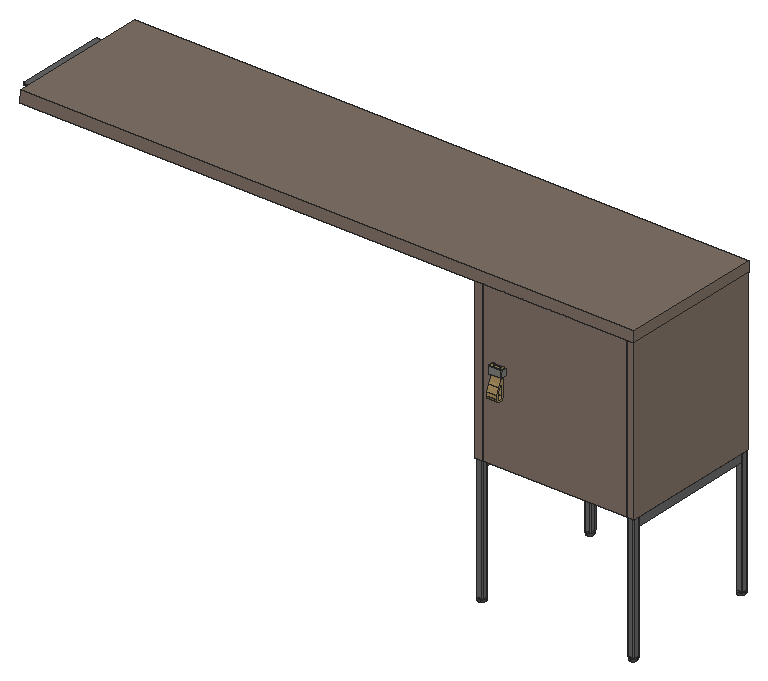
Revit family "Storage-Teknion-LWBRS_Byward_Return_with_Storage-R2019", category Furniture, Revit 2019
Family settings
  OmniClass Number = 23.40.20.00
  OmniClass Title = General Furniture and Specialties
  Work Plane-Based = No
  Always vertical = Yes
  Cut with Voids When Loaded = No
  Shared = Yes
  Room Calculation Point = No
Parameters (values of type "14" Depth, 60" Width")
  Width = 60.000"
  Warranty = "http://www.teknion.com/ca/papers/legal-canada"
  Unit Weight URL = "http://www.teknion.com/ca/tools/assets#&asset=bee6a381-b954-425e-8283-5a2de3a804f2,f828d448-4b62-4231-9e5f-9a8991c0ed77"
  URL = "www.teknion.com"
  Top & Storage Finish [instance] = Veneer-Teknion-5U-Flintwood-Raw_Umber (Long Grain)
  To render please download texture images found here [instance] = "https://assets.teknion.com/web/5e81352c1dfdb467/revit-material-swatches/"
  Sustainability Data = "https://www.teknion.com/ca/tools/assets#&topic=216f99a5-57a0-44fc-b10a-9dee9b29ae4c&asset=444deb64-fe58-4b68-981e-f75e97781df7,b4ff2d81-9f2e-437d-9659-7cffb09c31cf"
  Series = "Byward"  # constant formula
  Product Page URL = "https://www.teknion.com/ca/products/product-details?productLineId=87d0476f-8e7a-673b-a6c8-ff05004460c4"
  Product Line = "Byward"  # constant formula
  Product Documentation Link = "https://assets.teknion.com/m/d3f7903c0f9c31f/original/Byward-Reference-Guide.pdf"
  Part Number = "LWBRS"  # constant formula
  Model = "LWBRS1460_"
  Manufacturer Phone = "416-661-3370"  # constant formula
  Manufacturer Fax = "416.661.4586"  # constant formula
  Manufacturer Contact Information = "http://www.teknion.com/ca/contactus"
  Manufacturer Address = "1150 Flint Road, Toronto, ON. M3J 2J5. Canada"  # constant formula
  Manufacturer = "Teknion"  # constant formula
  How To Use Teknion Materials User Guide [instance] = "https://assets.teknion.com/m/205dd0a49fa58060/original/How-to-add-a-Material-Library-and-Texture-Images-to-your-Revit-project.pdf"
  Handle Paint Finish [instance] = Paint - Teknion - Mica - Anthracite
  Handle Leather Finish [instance] = Leather-Teknion-N68-Natural
  Handle Finish Note [instance] = "If Natural Leather is specified for the Handle Leather Finish, choose Anthracite for the Handle Paint Finish. If Black Leather is specified for the Handle Leather Finish, choose Titanium Grey for the Handle Paint Finish."  # constant formula
  For Additional Finishes please visit [instance] = "https://assets.teknion.com/m/44a8009b046e5d47/original/Teknion_Materials_Library.zip"
  Description = "Byward Return with Storage, 14\" Depth, 60\" Width"
  Assembly Code = "E2020200"
Types (5): name | Width | Model | Description
  (no name) | 60.000" | "LWBRS1460_" | "Byward Return with Storage, 14\" Depth, 60\" Width"
  14" Depth, 36" Width | 36.000" | "LWBRS1436_" | "Byward Return with Storage, 14\" Depth, 36\" Width"
  14" Depth, 48" Width | 48.000" | "LWBRS1448_" | "Byward Return with Storage, 14\" Depth, 48\" Width"
  14" Depth, 54" Width | 54.000" | "LWBRS1454_" | "Byward Return with Storage, 14\" Depth, 54\" Width"
  14" Depth, 60" Width | 60.000" | "LWBRS1460_" | "Byward Return with Storage, 14\" Depth, 60\" Width"
Reference planes (in)
  plane 1 "Center Front/Back": y = 0.5115
  plane 2: z = 0
  plane 3 "Center Left/Right": x = 11.85037
  plane 4 "Left": x = -18.14963
  plane 5 "Right": x = 41.85037
  plane 6 "Back": y = 7.5115
  plane 7 "Front": y = -6.4885
  plane 8 "Top": z = 29.06
Forms (in)
  Sweep 1, solid, material "Veneer-Teknion-5U-Flintwood-Raw_Umber (Long Grain)" <- "Top & Storage Finish"
    path origin (0, 0.5115, 0) x (1, 0, 0) y (0, 0, 1)
      loop
        line (4.60037, 28) -> (4.60037, 29.06)
    profile origin (4.60037, 0.5115, 28.53) x (-1, 0, 0) y (0, -1, 0)
      loop
        line (22.75, -7) -> (22.75, 7) -> (-37.25, 7) -> (-37.25, -7) -> (22.75, -7)
  Sweep 2, solid, material "Veneer-Teknion-5U-Flintwood-Raw_Umber (Long Grain)" <- "Top & Storage Finish"
    path origin (0, 0, 0) x (1, 0, 0) y (0, 1, 0)
      loop
        line (26.35037, 0.5115) -> (27.0551, 0.5115)
    profile origin (26.70273, 0.5115, 0) x (0, 1, 0) y (0, 0, 1)
      loop
        line (7, 28) -> (-7, 28) -> (-7, 12.5) -> (7, 12.5) -> (7, 28)
  Sweep 3, solid, material "Veneer-Teknion-5U-Flintwood-Raw_Umber (Long Grain)" <- "Top & Storage Finish"
    path origin (0, 0, 0) x (1, 0, 0) y (0, 1, 0)
      loop
        line (34.10037, 6.80678) -> (34.10037, 7.5115)
    profile origin (34.10037, 7.15914, 0) x (-1, 0, 0) y (0, 0, 1)
      loop
        line (-7.04528, 28) -> (-7.04528, 12.5) -> (7.04528, 12.5) -> (7.04528, 28) -> (-7.04528, 28)
  Sweep 4, solid, material "Veneer-Teknion-5U-Flintwood-Raw_Umber (Long Grain)" <- "Top & Storage Finish"
    path origin (14.79528, 0, 0) x (1, 0, 0) y (0, 1, 0)
      loop
        line (26.35037, 0.5115) -> (27.0551, 0.5115)
    profile origin (41.49801, 0.5115, 0) x (0, 1, 0) y (0, 0, 1)
      loop
        line (7, 28) -> (-7, 28) -> (-7, 12.5) -> (7, 12.5) -> (7, 28)
  Sweep 5, solid, material "Veneer-Teknion-5U-Flintwood-Raw_Umber (Long Grain)" <- "Top & Storage Finish"
    path origin (0, -13.29528, 0) x (1, 0, 0) y (0, 1, 0)
      loop
        line (34.10037, 6.80678) -> (34.10037, 7.5115)
    profile origin (34.10037, -6.13614, 0) x (-1, 0, 0) y (0, 0, 1)
      loop
        line (-7.04528, 28) -> (-7.04528, 12.5) -> (7.04528, 12.5) -> (7.04528, 28) -> (-7.04528, 28)
  Sweep 6, solid, material "Paint-Teknion-23-Z-Foundation-Foundry Onyx"
    path origin (11.85037, 0, 0) x (0, 1, 0) y (0, 0, 1)
      loop
        line (-6.095, 0.325) -> (-6.095, 12.5)
    profile origin (11.85037, -6.095, 6.4125) x (0, -1, 0) y (1, 0, 0)
      loop
        arc (-0.3095, 14.621) -> (-0.28314, 14.55736) -> (-0.2195, 14.531) r 0.09
        line (-0.2195, 14.531) -> (0.2255, 14.531)
        arc (0.2255, 14.531) -> (0.28914, 14.55736) -> (0.3155, 14.621) r 0.09
        line (0.3155, 14.621) -> (0.3155, 15.066)
        arc (0.3155, 15.066) -> (0.28914, 15.12964) -> (0.2255, 15.156) r 0.09
        line (0.2255, 15.156) -> (-0.2195, 15.156)
        arc (-0.2195, 15.156) -> (-0.28314, 15.12964) -> (-0.3095, 15.066) r 0.09
        line (-0.3095, 15.066) -> (-0.3095, 14.621)
  Sweep 7, solid, material "Paint-Teknion-23-Z-Foundation-Foundry Onyx"
    path origin (14.66337, 0, 0) x (0, 1, 0) y (0, 0, 1)
      loop
        line (-6.095, 0.325) -> (-6.095, 12.5)
    profile origin (14.66337, -6.095, 6.4125) x (0, -1, 0) y (1, 0, 0)
      loop
        arc (-0.3095, 26.621) -> (-0.28314, 26.55736) -> (-0.2195, 26.531) r 0.09
        line (-0.2195, 26.531) -> (0.2255, 26.531)
        arc (0.2255, 26.531) -> (0.28914, 26.55736) -> (0.3155, 26.621) r 0.09
        line (0.3155, 26.621) -> (0.3155, 27.066)
        arc (0.3155, 27.066) -> (0.28914, 27.12964) -> (0.2255, 27.156) r 0.09
        line (0.2255, 27.156) -> (-0.2195, 27.156)
        arc (-0.2195, 27.156) -> (-0.28314, 27.12964) -> (-0.3095, 27.066) r 0.09
        line (-0.3095, 27.066) -> (-0.3095, 26.621)
  Sweep 8, solid, material "Paint-Teknion-23-Z-Foundation-Foundry Onyx"
    path origin (11.85037, 13.219, 0) x (0, 1, 0) y (0, 0, 1)
      loop
        line (-6.095, 0.325) -> (-6.095, 12.5)
    profile origin (11.85037, 7.124, 6.4125) x (0, -1, 0) y (1, 0, 0)
      loop
        arc (-0.3095, 14.621) -> (-0.28314, 14.55736) -> (-0.2195, 14.531) r 0.09
        line (-0.2195, 14.531) -> (0.2255, 14.531)
        arc (0.2255, 14.531) -> (0.28914, 14.55736) -> (0.3155, 14.621) r 0.09
        line (0.3155, 14.621) -> (0.3155, 15.066)
        arc (0.3155, 15.066) -> (0.28914, 15.12964) -> (0.2255, 15.156) r 0.09
        line (0.2255, 15.156) -> (-0.2195, 15.156)
        arc (-0.2195, 15.156) -> (-0.28314, 15.12964) -> (-0.3095, 15.066) r 0.09
        line (-0.3095, 15.066) -> (-0.3095, 14.621)
  Sweep 9, solid, material "Paint-Teknion-23-Z-Foundation-Foundry Onyx"
    path origin (14.66337, 13.219, 0) x (0, 1, 0) y (0, 0, 1)
      loop
        line (-6.095, 0.325) -> (-6.095, 12.5)
    profile origin (14.66337, 7.124, 6.4125) x (0, -1, 0) y (1, 0, 0)
      loop
        arc (-0.3095, 26.621) -> (-0.28314, 26.55736) -> (-0.2195, 26.531) r 0.09
        line (-0.2195, 26.531) -> (0.2255, 26.531)
        arc (0.2255, 26.531) -> (0.28914, 26.55736) -> (0.3155, 26.621) r 0.09
        line (0.3155, 26.621) -> (0.3155, 27.066)
        arc (0.3155, 27.066) -> (0.28914, 27.12964) -> (0.2255, 27.156) r 0.09
        line (0.2255, 27.156) -> (-0.2195, 27.156)
        arc (-0.2195, 27.156) -> (-0.28314, 27.12964) -> (-0.3095, 27.066) r 0.09
        line (-0.3095, 27.066) -> (-0.3095, 26.621)
  Sweep 10, solid, material "Paint-Teknion-23-Z-Foundation-Foundry Onyx"
    path origin (11.85037, 0, 0) x (0, 1, 0) y (0, 0, 1)
      loop
        line (7.118, 0.163) -> (7.118, 0.325)
    profile origin (11.85037, 7.118, 0.244) x (0, -1, 0) y (1, 0, 0)
      loop
        circle (0.00039, 14.8401) r 0.12489
      loop
        circle (-0.00547, 29.65445) r 0.12489
      loop
        circle (13.21942, 14.84596) r 0.12489
      loop
        circle (13.21356, 29.66031) r 0.12489
  SweptBlend 11, solid, material "Plastic - Teknion - E - Ebony"
    path origin (24.06928, -1.20995, 0) x (0, 1, 0) y (0, 0, 1)
      loop
        line (8.32677, 0.163) -> (8.32677, 0)
    profile origin (24.06928, 7.11682, 0.163) x (1, 0, 0) y (0, 1, 0)
      loop
        circle (2.62073, 0.00143) r 0.37442
    end profile origin (24.06928, 7.11682, 0) x (1, 0, 0) y (0, 1, 0)
      loop
        circle (2.62163, -0.00078) r 0.36064
  SweptBlend 12, solid, material "Plastic - Teknion - E - Ebony"
    path origin (38.88318, -1.20311, 0) x (0, 1, 0) y (0, 0, 1)
      loop
        line (8.32677, 0.163) -> (8.32677, 0)
    profile origin (38.88318, 7.12366, 0.163) x (1, 0, 0) y (0, 1, 0)
      loop
        circle (2.62073, 0.00143) r 0.37442
    end profile origin (38.88318, 7.12366, 0) x (1, 0, 0) y (0, 1, 0)
      loop
        circle (2.62163, -0.00078) r 0.36064
  SweptBlend 13, solid, material "Plastic - Teknion - E - Ebony"
    path origin (24.07514, -14.42886, 0) x (0, 1, 0) y (0, 0, 1)
      loop
        line (8.32677, 0.163) -> (8.32677, 0)
    profile origin (24.07514, -6.10209, 0.163) x (1, 0, 0) y (0, 1, 0)
      loop
        circle (2.62073, 0.00143) r 0.37442
    end profile origin (24.07514, -6.10209, 0) x (1, 0, 0) y (0, 1, 0)
      loop
        circle (2.62163, -0.00078) r 0.36064
  SweptBlend 14, solid, material "Plastic - Teknion - E - Ebony"
    path origin (38.88904, -14.42203, 0) x (0, 1, 0) y (0, 0, 1)
      loop
        line (8.32677, 0.163) -> (8.32677, 0)
    profile origin (38.88904, -6.09526, 0.163) x (1, 0, 0) y (0, 1, 0)
      loop
        circle (2.62073, 0.00143) r 0.37442
    end profile origin (38.88904, -6.09526, 0) x (1, 0, 0) y (0, 1, 0)
      loop
        circle (2.62163, -0.00078) r 0.36064
  Sweep 15, solid, material "Veneer-Teknion-5U-Flintwood-Raw_Umber (Long Grain)" <- "Top & Storage Finish"
    path origin (0, 0.5115, 0) x (1, 0, 0) y (0, 0, 1)
      loop
        line (34.10037, 13.20472) -> (34.10037, 12.5)
    profile origin (34.10037, 0.5115, 12.85236) x (0, -1, 0) y (1, 0, 0)
      loop
        line (-6.233, 7.04528) -> (-6.233, -7.04528) -> (6.233, -7.04528) -> (6.233, 7.04528) -> (-6.233, 7.04528)
  Sweep 16, solid, material "Paint-Teknion-23-Z-Foundation-Foundry Onyx"
    path origin (0, 0, 0) x (1, 0, 0) y (0, 1, 0)
      loop
        line (27.87606, 6.9085) -> (27.87606, -5.8855)
    profile origin (27.87606, 0.5115, 0) x (1, 0, 0) y (0, 0, 1)
      loop
        line (1.19331, 12.366) -> (1.19331, 12.5) -> (-1.07269, 12.5)
        arc (-1.07269, 12.5) -> (-1.23815, 12.43146) -> (-1.30669, 12.266) r 0.234
        line (-1.30669, 12.266) -> (-1.30669, 11.5) -> (-1.17269, 11.5) -> (-1.17269, 12.266)
        arc (-1.17269, 12.266) -> (-1.1434, 12.33671) -> (-1.07269, 12.366) r 0.1
        line (-1.07269, 12.366) -> (1.19331, 12.366)
  Sweep 17, void
    path origin (0, 0.5115, 0) x (1, 0, 0) y (0, 0, 1)
      loop
        line (15.62168, 12.5) -> (15.62168, 12.366)
    profile origin (15.62168, 0.5115, 12.433) x (0, -1, 0) y (1, 0, 0)
      loop
        arc (-5.45119, 13.28393) -> (-5.36338, 13.40007) -> (-5.22579, 13.44769) r 0.25028
        line (-5.22579, 13.44769) -> (-6.397, 13.44769) -> (-6.397, 11.32269) -> (-6.172, 11.32269) -> (-5.45119, 13.28393)
      loop
        line (6.172, 11.32269) -> (6.397, 11.32269) -> (6.397, 13.44769) -> (5.22581, 13.44769)
        arc (5.22581, 13.44769) -> (5.36339, 13.40007) -> (5.45119, 13.28393) r 0.25028
        line (5.45119, 13.28393) -> (6.172, 11.32269)
  Sweep 18, solid, material "Paint-Teknion-23-Z-Foundation-Foundry Onyx"
    path origin (20.20074, 1.023, 0) x (-1, 0, 0) y (0, -1, 0)
      loop
        line (-20.12394, 6.9085) -> (-20.12394, -5.8855)
    profile origin (40.32469, 0.5115, 0) x (-1, 0, 0) y (0, 0, 1)
      loop
        line (1.19331, 12.366) -> (1.19331, 12.5) -> (-1.07269, 12.5)
        arc (-1.07269, 12.5) -> (-1.23815, 12.43146) -> (-1.30669, 12.266) r 0.234
        line (-1.30669, 12.266) -> (-1.30669, 11.5) -> (-1.17269, 11.5) -> (-1.17269, 12.266)
        arc (-1.17269, 12.266) -> (-1.1434, 12.33671) -> (-1.07269, 12.366) r 0.1
        line (-1.07269, 12.366) -> (1.19331, 12.366)
  Sweep 19, void
    path origin (20.20074, 0.5115, 0) x (-1, 0, 0) y (0, 0, 1)
      loop
        line (-20.37832, 12.5) -> (-20.37832, 12.366)
    profile origin (40.57906, 0.5115, 12.433) x (0, 1, 0) y (-1, 0, 0)
      loop
        arc (-5.45119, 1.28393) -> (-5.36338, 1.40007) -> (-5.22579, 1.44769) r 0.25028
        line (-5.22579, 1.44769) -> (-6.397, 1.44769) -> (-6.397, -0.67731) -> (-6.172, -0.67731) -> (-5.45119, 1.28393)
      loop
        line (6.172, -0.67731) -> (6.397, -0.67731) -> (6.397, 1.44769) -> (5.22581, 1.44769)
        arc (5.22581, 1.44769) -> (5.36339, 1.40007) -> (5.45119, 1.28393) r 0.25028
        line (5.45119, 1.28393) -> (6.172, -0.67731)
  Sweep 20, solid, material "Paint-Teknion-23-Z-Foundation-Foundry Onyx"
    path origin (0, 0.5115, 0) x (1, 0, 0) y (0, 0, 1)
      loop
        line (-18.14963, 27.8937) -> (-18.14963, 28)
    profile origin (-18.14963, 0.5115, 27.94685) x (-1, 0, 0) y (0, -1, 0)
      loop
        arc (1.75, 4.30315) -> (1.69234, 4.44234) -> (1.55315, 4.5) r 0.19685
        line (1.55315, 4.5) -> (-2.05315, 4.5)
        arc (-2.05315, 4.5) -> (-2.19234, 4.44234) -> (-2.25, 4.30315) r 0.19685
        line (-2.25, 4.30315) -> (-2.25, -4.30315)
        arc (-2.25, -4.30315) -> (-2.19234, -4.44234) -> (-2.05315, -4.5) r 0.19685
        line (-2.05315, -4.5) -> (1.55315, -4.5)
        arc (1.55315, -4.5) -> (1.69234, -4.44234) -> (1.75, -4.30315) r 0.19685
        line (1.75, -4.30315) -> (1.75, 4.30315)
  Sweep 21, solid, material "Leather-Teknion-N68-Natural" <- "Handle Leather Finish"
    path origin (0, 0, 0) x (1, 0, 0) y (0, 1, 0)
      loop
        line (28.13018, -7.1032) -> (29.13018, -7.1032)
    profile origin (28.63018, -7.1032, 0) x (0, 1, 0) y (0, 0, 1)
      loop
        line (0.50628, 21.27357) -> (0.40785, 21.27357) -> (0.40785, 18.95074)
        arc (0.40785, 18.95074) -> (0.13124, 18.67413) -> (-0.14537, 18.95074) r 0.27661
        arc (-0.14537, 18.95074) -> (-0.09403, 19.31656) -> (0.05602, 19.65413) r 1.32907
        arc (0.05602, 19.65413) -> (0.11752, 19.74156) -> (0.17522, 19.83156) r 2.49364
        arc (0.17522, 19.83156) -> (0.34133, 20.21237) -> (0.39785, 20.62397) r 1.51654
        line (0.39785, 20.62397) -> (0.39785, 21.32131)
        arc (0.39785, 21.32131) -> (0.40693, 21.34323) -> (0.42885, 21.35231) r 0.031
        line (0.42885, 21.35231) -> (0.48528, 21.35231)
        arc (0.48528, 21.35231) -> (0.5072, 21.34323) -> (0.51628, 21.32131) r 0.031
        line (0.51628, 21.32131) -> (0.51628, 20.62417) -> (0.6147, 20.62417) -> (0.6147, 21.34457)
        arc (0.6147, 21.34457) -> (0.56823, 21.41989) -> (0.48528, 21.45074) r 0.13618
        line (0.48528, 21.45074) -> (0.42885, 21.45074)
        arc (0.42885, 21.45074) -> (0.33734, 21.41283) -> (0.29943, 21.32131) r 0.12943
        line (0.29943, 21.32131) -> (0.29943, 20.62387)
        arc (0.29943, 20.62387) -> (0.23415, 20.19986) -> (0.04434, 19.81512) r 1.40962
        arc (0.04434, 19.81512) -> (-0.11062, 19.54129) -> (-0.21043, 19.2429) r 1.63968
        arc (-0.21043, 19.2429) -> (-0.23537, 19.09776) -> (-0.24372, 18.95074) r 1.29857
        arc (-0.24372, 18.95074) -> (0.13128, 18.57574) -> (0.50628, 18.95074) r 0.375
        line (0.50628, 18.95074) -> (0.50628, 21.27357)
  Sweep 22, solid, material "Paint - Teknion - Mica - Anthracite" <- "Handle Paint Finish"
    path origin (0, 0.5115, 0) x (1, 0, 0) y (0, 0, 1)
      loop
        line (16.63018, 21.35231) -> (16.63018, 20.66385)
    profile origin (16.63018, 0.5115, 21.00808) x (0, -1, 0) y (1, 0, 0)
      loop
        line (7, 11.34295) -> (7.39036, 11.35735)
        arc (7.39036, 11.35735) -> (7.44292, 11.37961) -> (7.46737, 11.43118) r 0.08022
        line (7.46737, 11.43118) -> (7.46737, 12.56882)
        arc (7.46737, 12.56882) -> (7.44292, 12.62039) -> (7.39036, 12.64265) r 0.08022
        line (7.39036, 12.64265) -> (7, 12.65705) -> (7, 11.34295)
Cuts and joins
  Sweep 17, Sweep 19 cuts Sweep 16
  Sweep 19 cuts Sweep 2
  Sweep 19 cuts Sweep 3
  Sweep 19 cuts Sweep 5
  Sweep 19 cuts Sweep 6
  Sweep 19 cuts Sweep 8
  Sweep 19 cuts Sweep 15
  Sweep 19 cuts Sweep 18
Lines and regions (in)
  Masking region 1
    outline origin (0, 0, 0) x (1, 0, 0) y (0, 1, 0)
      loop
        line (-18.14963, 7.5115) -> (-18.14963, -6.4885) -> (41.85037, -6.4885) -> (41.85037, 7.5115) -> (-18.14963, 7.5115)
  Masking region 2
    outline origin (0, 0, 0) x (1, 0, 0) y (0, 1, 0)
      loop
        line (-18.14963, 5.0115) -> (-19.70278, 5.0115)
        arc (-19.70278, 5.0115) -> (-19.84197, 4.95384) -> (-19.89963, 4.81465) r 0.19685
        line (-19.89963, 4.81465) -> (-19.89963, -3.79165)
        arc (-19.89963, -3.79165) -> (-19.84197, -3.93084) -> (-19.70278, -3.9885) r 0.19685
        line (-19.70278, -3.9885) -> (-18.14963, -3.9885) -> (-18.14963, 5.0115)
  Masking region 3
    outline origin (0, 0, 0) x (1, 0, 0) y (0, 1, 0)
      loop
        line (27.97312, -6.4885) -> (27.98752, -6.87886)
        arc (27.98752, -6.87886) -> (28.00978, -6.93142) -> (28.06135, -6.95587) r 0.08022
        line (28.06135, -6.95587) -> (29.199, -6.95587)
        arc (29.199, -6.95587) -> (29.25057, -6.93142) -> (29.27283, -6.87886) r 0.08022
        line (29.27283, -6.87886) -> (29.28723, -6.4885) -> (27.97312, -6.4885)
  Masking region 4
    outline origin (0, 0, 0) x (1, 0, 0) y (0, 1, 0)
      loop
        line (28.13018, -7.34692) -> (29.13018, -7.34692) -> (29.13018, -6.95587) -> (28.13018, -6.95587) -> (28.13018, -7.34692)
  symbolic lines, style "FurnitureHiddenLines", detail levels medium+fine
    curve 1: line (26.35037, -6.4885, 0) -> (26.35037, 7.5115, 0)
    curve 2: line (27.0551, -6.4885, 0) -> (27.0551, 7.5115, 0)
    curve 3: line (41.14565, -6.4885, 0) -> (41.14565, 7.5115, 0)
    curve 4: line (41.14565, 6.80678, 0) -> (27.0551, 6.80678, 0)
    curve 5: line (41.14565, 6.7445, 0) -> (27.0551, 6.7445, 0)
    curve 6: line (27.0551, -5.7215, 0) -> (41.14565, -5.7215, 0)
    curve 7: line (41.14565, -5.78378, 0) -> (27.0551, -5.78378, 0)
    curve 8: line (26.56937, 6.9085, 0) -> (26.56937, -5.8855, 0)
    curve 9: line (26.56937, 6.9085, 0) -> (26.94437, 6.9085, 0)
    curve 10: line (26.94437, 6.9085, 0) -> (26.94437, 6.6835, 0)
    curve 11: line (26.56937, -5.8855, 0) -> (26.94437, -5.8855, 0)
    curve 12: line (26.94437, -5.6605, 0) -> (26.94437, -5.8855, 0)
    curve 13: line (29.06937, -4.71431, 0) -> (29.06937, 5.73729, 0)
    curve 14: line (26.94437, 6.6835, 0) -> (28.90561, 5.96269, 0)
    curve 15: line (28.90561, -4.93969, 0) -> (26.94437, -5.6605, 0)
    curve 16: arc (29.06937, -4.71431, 0) -> (29.02175, -4.85189, 0) -> (28.90561, -4.93969, 0) r 0.25028
    curve 17: arc (28.90561, 5.96269, 0) -> (29.02175, 5.87488, 0) -> (29.06937, 5.73729, 0) r 0.25028
    curve 20: line (41.63137, -5.8855, 0) -> (41.63137, 6.9085, 0)
    curve 21: line (41.63137, 6.9085, 0) -> (41.25637, 6.9085, 0)
    curve 22: line (41.25637, 6.6835, 0) -> (41.25637, 6.9085, 0)
    curve 23: line (39.29513, 5.96269, 0) -> (41.25637, 6.6835, 0)
    curve 24: line (39.13137, 5.73731, 0) -> (39.13137, -4.71429, 0)
    curve 25: line (41.25637, -5.6605, 0) -> (39.29513, -4.93969, 0)
    curve 26: line (41.25637, -5.8855, 0) -> (41.25637, -5.6605, 0)
    curve 27: line (41.63137, -5.8855, 0) -> (41.25637, -5.8855, 0)
    curve 28: arc (39.29513, -4.93969, 0) -> (39.17899, -4.85188, 0) -> (39.13137, -4.71429, 0) r 0.25028
    curve 29: arc (39.13137, 5.73731, 0) -> (39.179, 5.87489, 0) -> (39.29513, 5.96269, 0) r 0.25028
    curve 78: line (-15.89963, -3.79165, 0) -> (-15.89963, 4.81465, 0)
    curve 79: line (-18.14963, -3.9885, 0) -> (-16.09648, -3.9885, 0)
    curve 80: line (-16.09648, 5.0115, 0) -> (-18.14963, 5.0115, 0)
    curve 81: arc (-16.09648, 5.0115, 0) -> (-15.95728, 4.95384, 0) -> (-15.89963, 4.81465, 0) r 0.19685
    curve 82: arc (-15.89963, -3.79165, 0) -> (-15.95728, -3.93084, 0) -> (-16.09648, -3.9885, 0) r 0.19685
    curve 83: line (26.35037, 0.5115, 28) -> (41.85037, 0.5115, 20.25)
    curve 84: line (26.35037, 0.5115, 12.5) -> (41.85037, 0.5115, 20.25)
  symbolic lines, style "FurnitureHiddenLines", detail levels fine
    curve 18: line (26.70337, -5.8855, 0) -> (26.70337, 6.9085, 0)
    curve 19: line (41.49737, 6.9085, 0) -> (41.49737, -5.8855, 0)
    curve 30: line (26.91637, 7.4335, 0) -> (26.47137, 7.4335, 0)
    curve 31: line (26.38137, 7.3435, 0) -> (26.38137, 6.8985, 0)
    curve 32: line (26.47137, 6.8085, 0) -> (26.91637, 6.8085, 0)
    curve 33: line (27.00637, 6.8985, 0) -> (27.00637, 7.3435, 0)
    curve 34: arc (26.38137, 7.3435, 0) -> (26.40773, 7.40714, 0) -> (26.47137, 7.4335, 0) r 0.09
    curve 35: arc (26.91637, 7.4335, 0) -> (26.98001, 7.40714, 0) -> (27.00637, 7.3435, 0) r 0.09
    curve 36: arc (27.00637, 6.8985, 0) -> (26.98001, 6.83486, 0) -> (26.91637, 6.8085, 0) r 0.09
    curve 37: arc (26.47137, 6.8085, 0) -> (26.40773, 6.83486, 0) -> (26.38137, 6.8985, 0) r 0.09
    curve 38: arc (26.69048, 7.2425, 0) -> (26.81537, 7.11761, 0) -> (26.69048, 6.99272, 0) r 0.12489
    curve 39: arc (26.69048, 6.99272, 0) -> (26.56558, 7.11761, 0) -> (26.69048, 7.2425, 0) r 0.12489
    curve 40: arc (27.06443, 7.11825, 0) -> (26.69001, 7.49267, 0) -> (26.31559, 7.11825, 0) r 0.37442
    curve 41: arc (26.31559, 7.11825, 0) -> (26.69001, 6.74383, 0) -> (27.06443, 7.11825, 0) r 0.37442
    curve 42: line (26.91637, -5.7855, 0) -> (26.47137, -5.7855, 0)
    curve 43: line (26.47137, -6.4105, 0) -> (26.91637, -6.4105, 0)
    curve 44: line (26.38137, -5.8755, 0) -> (26.38137, -6.3205, 0)
    curve 45: line (27.00637, -6.3205, 0) -> (27.00637, -5.8755, 0)
    curve 46: arc (26.38137, -5.8755, 0) -> (26.40773, -5.81186, 0) -> (26.47137, -5.7855, 0) r 0.09
    curve 47: arc (26.91637, -5.7855, 0) -> (26.98001, -5.81186, 0) -> (27.00637, -5.8755, 0) r 0.09
    curve 48: arc (27.00637, -6.3205, 0) -> (26.98001, -6.38414, 0) -> (26.91637, -6.4105, 0) r 0.09
    curve 49: arc (26.47137, -6.4105, 0) -> (26.40773, -6.38414, 0) -> (26.38137, -6.3205, 0) r 0.09
    curve 50: arc (27.07029, -6.10066, 0) -> (26.69587, -5.72624, 0) -> (26.32145, -6.10066, 0) r 0.37442
    curve 51: arc (26.32145, -6.10066, 0) -> (26.69587, -6.47508, 0) -> (27.07029, -6.10066, 0) r 0.37442
    curve 52: arc (26.69633, -5.97653, 0) -> (26.82123, -6.10142, 0) -> (26.69633, -6.22631, 0) r 0.12489
    curve 53: arc (26.69633, -6.22631, 0) -> (26.57144, -6.10142, 0) -> (26.69633, -5.97653, 0) r 0.12489
    curve 54: line (41.72937, -5.7855, 0) -> (41.28437, -5.7855, 0)
    curve 55: line (41.19437, -5.8755, 0) -> (41.19437, -6.3205, 0)
    curve 56: line (41.28437, -6.4105, 0) -> (41.72937, -6.4105, 0)
    curve 57: line (41.81937, -6.3205, 0) -> (41.81937, -5.8755, 0)
    curve 58: arc (41.72937, -5.7855, 0) -> (41.79301, -5.81186, 0) -> (41.81937, -5.8755, 0) r 0.09
    curve 59: arc (41.19437, -5.8755, 0) -> (41.22073, -5.81186, 0) -> (41.28437, -5.7855, 0) r 0.09
    curve 60: arc (41.28437, -6.4105, 0) -> (41.22073, -6.38414, 0) -> (41.19437, -6.3205, 0) r 0.09
    curve 61: arc (41.81937, -6.3205, 0) -> (41.79301, -6.38414, 0) -> (41.72937, -6.4105, 0) r 0.09
    curve 62: arc (41.88419, -6.09383, 0) -> (41.50977, -5.71941, 0) -> (41.13535, -6.09383, 0) r 0.37442
    curve 63: arc (41.13535, -6.09383, 0) -> (41.50977, -6.46825, 0) -> (41.88419, -6.09383, 0) r 0.37442
    curve 64: line (41.72937, 7.4335, 0) -> (41.28437, 7.4335, 0)
    curve 65: line (41.19437, 7.3435, 0) -> (41.19437, 6.8985, 0)
    curve 66: line (41.28437, 6.8085, 0) -> (41.72937, 6.8085, 0)
    curve 67: line (41.81937, 6.8985, 0) -> (41.81937, 7.3435, 0)
    curve 68: arc (41.19437, 7.3435, 0) -> (41.22073, 7.40714, 0) -> (41.28437, 7.4335, 0) r 0.09
    curve 69: arc (41.72937, 7.4335, 0) -> (41.79301, 7.40714, 0) -> (41.81937, 7.3435, 0) r 0.09
    curve 70: arc (41.81937, 6.8985, 0) -> (41.79301, 6.83486, 0) -> (41.72937, 6.8085, 0) r 0.09
    curve 71: arc (41.28437, 6.8085, 0) -> (41.22073, 6.83486, 0) -> (41.19437, 6.8985, 0) r 0.09
    curve 72: arc (41.87833, 7.12509, 0) -> (41.50391, 7.49951, 0) -> (41.12949, 7.12509, 0) r 0.37442
    curve 73: arc (41.12949, 7.12509, 0) -> (41.50391, 6.75067, 0) -> (41.87833, 7.12509, 0) r 0.37442
    curve 74: arc (41.50482, 7.24836, 0) -> (41.62971, 7.12347, 0) -> (41.50482, 6.99858, 0) r 0.12489
    curve 75: arc (41.50482, 6.99858, 0) -> (41.37993, 7.12347, 0) -> (41.50482, 7.24836, 0) r 0.12489
    curve 76: arc (41.51068, -5.97067, 0) -> (41.63557, -6.09556, 0) -> (41.51068, -6.22045, 0) r 0.12489
    curve 77: arc (41.51068, -6.22045, 0) -> (41.38579, -6.09556, 0) -> (41.51068, -5.97067, 0) r 0.12489
Dimensions and locks (in)
  "Width": plane 4 "Left" to plane 5 "Right"
  plane 6 "Back" to plane 7 "Front" = 14.000"
  locked: plane 8 "Top" to level at 29.06
  equal spacing: plane 4 "Left", plane 3 "Center Left/Right", plane 5 "Right"
  equal spacing: plane 6 "Back", plane 1 "Center Front/Back", plane 7 "Front"
  locked: plane 8 "Top" to Sweep 1 sketch curve at 1.06
  Sweep 2 sketch curve to Sweep 2 sketch curve to plane 5 "Right" = 0.70472" locked, 14.79528" locked
  locked: plane 8 "Top" to Sweep 2 sketch curve at 1.06
  locked: Sweep 2 sketch curve to level at 12.5
  locked: plane 6 "Back" to Sweep 3 sketch curve at 0.70472
  Sweep 3 sketch curve to Sweep 3 sketch curve to plane 5 "Right" = 14.09055" locked, 0.70472" locked
  Sweep 3 sketch curve to Sweep 3 sketch curve to plane 8 "Top" = 15.500" locked, 1.060" locked
  locked: Sweep 4 sketch curve to plane 5 "Right" at 0.70472
  locked: Sweep 5 sketch curve to Sweep 5 sketch curve at 14.09055
  locked: Sweep 5 sketch curve to Sweep 5 sketch curve at 15.5
  locked: plane 7 "Front" to Sweep 5 sketch curve at 0.70472
  locked: plane 8 "Top" to Sweep 4 sketch curve at 1.06
  locked: Sweep 4 sketch curve to level at 12.5
  Sweep 6 sketch curve to Sweep 6 sketch curve to level = 12.175" locked, 0.325" locked
  Sweep 7 sketch curve to Sweep 7 sketch curve to level = 12.175" locked, 0.325" locked
  locked: Sweep 8 sketch curve to Sweep 8 sketch curve at 12.175
  locked: Sweep 9 sketch curve to Sweep 9 sketch curve at 12.175
  Sweep 8 sketch curve to Sweep 8 sketch curve to Sweep 8 sketch curve to Sweep 8 sketch curve to Sweep 8 sketch curve to Sweep 8 sketch curve to plane 5 "Right" = 0.090" locked, 0.000" locked, 0.445" locked, 0.000" locked, 0.090" locked, 14.844" locked
  plane 6 "Back" to Sweep 8 sketch curve to Sweep 8 sketch curve to Sweep 8 sketch curve to Sweep 8 sketch curve to Sweep 8 sketch curve to Sweep 8 sketch curve = 0.078" locked, 0.090" locked, 0.000" locked, 0.445" locked, 0.000" locked, 0.090" locked
  Sweep 6 sketch curve to Sweep 6 sketch curve to Sweep 6 sketch curve to Sweep 6 sketch curve to Sweep 6 sketch curve to Sweep 6 sketch curve to plane 5 "Right" = 0.090" locked, 0.000" locked, 0.445" locked, 0.000" locked, 0.090" locked, 14.844" locked
  plane 7 "Front" to Sweep 6 sketch curve to Sweep 6 sketch curve to Sweep 6 sketch curve to Sweep 6 sketch curve to Sweep 6 sketch curve = 0.078" locked, 0.090" locked, 0.445" locked, 0.000" locked, 0.090" locked
  Sweep 9 sketch curve to Sweep 9 sketch curve to Sweep 9 sketch curve to Sweep 9 sketch curve to Sweep 9 sketch curve to Sweep 9 sketch curve to plane 5 "Right" = 0.090" locked, 0.000" locked, 0.445" locked, 0.000" locked, 0.090" locked, 0.031" locked
  plane 6 "Back" to Sweep 9 sketch curve to Sweep 9 sketch curve to Sweep 9 sketch curve to Sweep 9 sketch curve to Sweep 9 sketch curve to Sweep 9 sketch curve = 0.078" locked, 0.090" locked, 0.000" locked, 0.445" locked, 0.000" locked, 0.090" locked
  Sweep 7 sketch curve to Sweep 7 sketch curve to Sweep 7 sketch curve to Sweep 7 sketch curve to Sweep 7 sketch curve to Sweep 7 sketch curve to plane 5 "Right" = 0.090" locked, 0.000" locked, 0.445" locked, 0.000" locked, 0.090" locked, 0.031" locked
  plane 7 "Front" to Sweep 7 sketch curve to Sweep 7 sketch curve to Sweep 7 sketch curve to Sweep 7 sketch curve to Sweep 7 sketch curve to Sweep 7 sketch curve = 0.078" locked, 0.090" locked, 0.000" locked, 0.445" locked, 0.000" locked, 0.090" locked
  Sweep 10 sketch curve to Sweep 10 sketch curve to level = 0.162" locked, 0.163" locked
  locked: plane 6 "Back" to Sweep 10 sketch curve at 0.3935
  plane 6 "Back" to Sweep 10 sketch curve to Sweep 10 sketch curve = 0.38803" locked, 0.00586" locked
  Sweep 10 sketch curve to Sweep 10 sketch curve to Sweep 10 sketch curve to Sweep 10 sketch curve to plane 5 "Right" = 0.00586" locked, 14.80849" locked, 0.00586" locked, 0.33969" locked
  Sweep 10 sketch curve to Sweep 10 sketch curve to plane 7 "Front" = 0.00586" locked, 0.38708" locked
  locked: SweptBlend 11 sketch curve to plane 5 "Right" at 15.16036
  locked: plane 6 "Back" to SweptBlend 11 sketch curve at 0.39325
  locked: SweptBlend 11 sketch curve to plane 5 "Right" at 15.15946
  locked: plane 6 "Back" to SweptBlend 11 sketch curve at 0.39545
  locked: SweptBlend 12 sketch curve to plane 5 "Right" at 0.34646
  locked: plane 6 "Back" to SweptBlend 12 sketch curve at 0.38641
  locked: SweptBlend 12 sketch curve to plane 5 "Right" at 0.34556
  locked: plane 6 "Back" to SweptBlend 12 sketch curve at 0.38862
  locked: plane 7 "Front" to SweptBlend 13 sketch curve at 0.38784
  locked: SweptBlend 13 sketch curve to plane 5 "Right" at 15.1545
  locked: plane 7 "Front" to SweptBlend 13 sketch curve at 0.38563
  locked: SweptBlend 13 sketch curve to plane 5 "Right" at 15.1536
  locked: SweptBlend 14 sketch curve to plane 5 "Right" at 0.3406
  locked: plane 7 "Front" to SweptBlend 14 sketch curve at 0.39467
  locked: SweptBlend 14 sketch curve to plane 5 "Right" at 0.3397
  locked: plane 7 "Front" to SweptBlend 14 sketch curve at 0.39247
  Sweep 15 sketch curve to Sweep 15 sketch curve to level = 0.70472" locked, 12.500" locked
  Sweep 15 sketch curve to Sweep 15 sketch curve to plane 5 "Right" = 14.09055" locked, 0.70472" locked
  locked: plane 6 "Back" to Sweep 15 sketch curve at 0.767
  locked: plane 7 "Front" to Sweep 15 sketch curve at 0.767
  locked: Sweep 16 sketch curve to plane 5 "Right" at 13.97431
  Sweep 16 sketch curve to Sweep 16 sketch curve to Sweep 16 sketch curve to Sweep 16 sketch curve to Sweep 16 sketch curve to plane 5 "Right" = 0.134" locked, 0.100" locked, 0.000" locked, 2.266" locked, 12.781" locked
  Sweep 16 sketch curve to Sweep 16 sketch curve to Sweep 16 sketch curve to level = 0.134" locked, 0.866" locked, 11.500" locked
  Sweep 17 sketch curve to Sweep 17 sketch curve to level = 0.134" locked, 12.366" locked
  Sweep 17 sketch curve to Sweep 17 sketch curve to Sweep 17 sketch curve to Sweep 17 sketch curve to Sweep 17 sketch curve to Sweep 17 sketch curve to Sweep 17 sketch curve to Sweep 17 sketch curve to plane 5 "Right" = 0.000" locked, 1.8749" locked, 0.000" locked, 0.08634" locked, 0.000" locked, 0.16376" locked, 0.000" locked, 12.781" locked
  plane 7 "Front" to Sweep 17 sketch curve to Sweep 17 sketch curve to Sweep 17 sketch curve to Sweep 17 sketch curve = 0.603" locked, 0.225" locked, 0.94619" locked, 0.00954" locked
  plane 6 "Back" to Sweep 17 sketch curve to Sweep 17 sketch curve to Sweep 17 sketch curve to Sweep 17 sketch curve = 0.603" locked, 0.225" locked, 0.94621" locked, 0.00952" locked
  plane 5 "Right" to Sweep 18 sketch curve to Sweep 18 sketch curve to Sweep 18 sketch curve to Sweep 18 sketch curve to Sweep 18 sketch curve = 0.219" locked, 0.134" locked, 0.100" locked, 0.000" locked, 2.266" locked
  Sweep 18 sketch curve to Sweep 18 sketch curve to Sweep 18 sketch curve to level = 0.134" locked, 0.866" locked, 11.500" locked
  Sweep 19 sketch curve to Sweep 19 sketch curve to level = 0.134" locked, 12.366" locked
  plane 5 "Right" to Sweep 19 sketch curve to Sweep 19 sketch curve to Sweep 19 sketch curve to Sweep 19 sketch curve to Sweep 19 sketch curve to Sweep 19 sketch curve to Sweep 19 sketch curve to Sweep 19 sketch curve = 0.594" locked, 0.000" locked, 1.8749" locked, 0.000" locked, 0.08634" locked, 0.000" locked, 0.16376" locked, 0.000" locked
  plane 6 "Back" to Sweep 19 sketch curve to Sweep 19 sketch curve to Sweep 19 sketch curve to Sweep 19 sketch curve = 0.603" locked, 0.225" locked, 0.94619" locked, 0.00954" locked
  plane 7 "Front" to Sweep 19 sketch curve to Sweep 19 sketch curve to Sweep 19 sketch curve to Sweep 19 sketch curve = 0.603" locked, 0.225" locked, 0.94621" locked, 0.00952" locked
  locked: plane 6 "Back" to Sweep 18 sketch curve at 0.603
  locked: plane 7 "Front" to Sweep 18 sketch curve at 0.603
  locked: Sweep 18 sketch curve to plane 5 "Right" at 1.52569
  plane 8 "Top" to Sweep 20 sketch curve to Sweep 20 sketch curve = 1.060" locked, 0.1063" locked
  Sweep 20 sketch curve to Sweep 20 sketch curve to Sweep 20 sketch curve to plane 4 "Left" to Sweep 20 sketch curve to Sweep 20 sketch curve to Sweep 20 sketch curve = 0.19685" locked, 0.000" locked, 1.55315" locked, 2.05315" locked, 0.000" locked, 0.19685" locked
  plane 6 "Back" to Sweep 20 sketch curve to Sweep 20 sketch curve to Sweep 20 sketch curve = 2.500" locked, 0.19685" locked, 0.000" locked
  plane 7 "Front" to Sweep 20 sketch curve to Sweep 20 sketch curve to Sweep 20 sketch curve = 2.500" locked, 0.19685" locked, 0.000" locked
  Sweep 21 sketch curve to Sweep 21 sketch curve to plane 5 "Right" = 1.000" locked, 12.7202" locked
  locked: Sweep 21 sketch curve to plane 7 "Front" at 0.6147
  Sweep 22 sketch curve to Sweep 22 sketch curve to Sweep 22 sketch curve to Sweep 22 sketch curve to Sweep 22 sketch curve to Sweep 22 sketch curve to plane 5 "Right" = 0.0144" locked, 0.08016" locked, 1.12498" locked, 0.08016" locked, 0.0144" locked, 12.56315" locked
  Sweep 22 sketch curve to Sweep 22 sketch curve to Sweep 22 sketch curve to plane 7 "Front" = 0.07997" locked, 0.000" locked, 0.3874" locked
  locked: cut or joined group of Sweep 2, Sweep 19 to curve 83 at 0
  locked: cut or joined group of Sweep 5, Sweep 19 to curve 83 at 0
  locked: plane 5 "Right" to curve 84 at 0
  locked: Sweep 1 to curve 84 at 7.75
  locked: cut or joined group of Sweep 2, Sweep 19 to curve 84 at 0
  locked: cut or joined group of Sweep 5, Sweep 19 to curve 84 at 0
  aligned and locked: level to plane 2
  aligned and locked: plane 8 "Top" to Sweep 1 sketch curve
  aligned and locked: Sweep 1 sketch curve to plane 6 "Back"
  aligned and locked: Sweep 1 sketch curve to plane 4 "Left"
  aligned and locked: Sweep 1 sketch curve to plane 7 "Front"
  aligned and locked: Sweep 1 sketch curve to plane 5 "Right"
  aligned and locked: plane 1 "Center Front/Back" to Sweep 2 sketch curve
  aligned and locked: Sweep 2 sketch curve to plane 6 "Back"
  aligned and locked: Sweep 2 sketch curve to plane 7 "Front"
  aligned and locked: Sweep 3 sketch curve to plane 6 "Back"
  aligned and locked: plane 5 "Right" to Sweep 4 sketch curve
  aligned and locked: plane 1 "Center Front/Back" to Sweep 4 sketch curve
  aligned and locked: plane 7 "Front" to Sweep 5 sketch curve
  aligned and locked: plane 6 "Back" to Sweep 4 sketch curve
  aligned and locked: plane 7 "Front" to Sweep 4 sketch curve
  aligned and locked: plane 4 "Left" to Sweep 20 sketch curve
  aligned and locked: plane 7 "Front" to Sweep 22 sketch curve
  aligned and locked: Masking region 1 sketch curve to plane 4 "Left"
  aligned and locked: Masking region 1 sketch curve to plane 6 "Back"
  aligned and locked: Masking region 1 sketch curve to plane 5 "Right"
  aligned and locked: Masking region 1 sketch curve to plane 7 "Front"
  aligned and locked: Sweep 20 to Masking region 2 sketch curve
  aligned and locked: Masking region 2 sketch curve to plane 4 "Left"
  aligned and locked: Masking region 2 sketch curve to Sweep 20  (x2)
  aligned and locked: Masking region 3 sketch curve to Sweep 22  (x5)
  aligned and locked: Masking region 4 sketch curve to Sweep 22
  aligned and locked: Masking region 4 sketch curve to Sweep 21  (x3)
  aligned and locked: curve 1 to cut or joined group of Sweep 2, Sweep 19
  aligned and locked: curve 2 to cut or joined group of Sweep 2, Sweep 19
  aligned and locked: curve 3 to Sweep 4
  aligned and locked: curve 4 to cut or joined group of Sweep 3, Sweep 19
  aligned and locked: curve 5 to cut or joined group of Sweep 15, Sweep 19
  aligned and locked: curve 6 to cut or joined group of Sweep 15, Sweep 19
  aligned and locked: curve 7 to cut or joined group of Sweep 5, Sweep 19
  aligned and locked: curve 8 to cut or joined group of Sweep 16, Sweep 17, Sweep 19
  aligned and locked: curve 9 to cut or joined group of Sweep 16, Sweep 17, Sweep 19
  aligned and locked: curve 10 to cut or joined group of Sweep 16, Sweep 17, Sweep 19
  aligned and locked: curve 11 to cut or joined group of Sweep 16, Sweep 17, Sweep 19
  aligned and locked: curve 12 to cut or joined group of Sweep 16, Sweep 17, Sweep 19
  aligned and locked: curve 13 to cut or joined group of Sweep 16, Sweep 17, Sweep 19
  aligned and locked: curve 14 to cut or joined group of Sweep 16, Sweep 17, Sweep 19
  aligned and locked: curve 16 to cut or joined group of Sweep 16, Sweep 17, Sweep 19
  aligned and locked: curve 17 to cut or joined group of Sweep 16, Sweep 17, Sweep 19
  aligned and locked: curve 18 to cut or joined group of Sweep 16, Sweep 17, Sweep 19
  aligned and locked: curve 19 to cut or joined group of Sweep 18, Sweep 19
  aligned and locked: curve 20 to cut or joined group of Sweep 18, Sweep 19
  aligned and locked: curve 21 to cut or joined group of Sweep 18, Sweep 19
  aligned and locked: curve 22 to cut or joined group of Sweep 18, Sweep 19
  aligned and locked: curve 24 to cut or joined group of Sweep 18, Sweep 19
  aligned and locked: curve 25 to cut or joined group of Sweep 18, Sweep 19
  aligned and locked: curve 26 to cut or joined group of Sweep 18, Sweep 19
  aligned and locked: curve 27 to cut or joined group of Sweep 18, Sweep 19
  aligned and locked: curve 28 to cut or joined group of Sweep 18, Sweep 19
  aligned and locked: curve 29 to cut or joined group of Sweep 18, Sweep 19
  aligned and locked: curve 34 to cut or joined group of Sweep 8, Sweep 19
  aligned and locked: curve 35 to cut or joined group of Sweep 8, Sweep 19
  aligned and locked: curve 36 to cut or joined group of Sweep 8, Sweep 19
  aligned and locked: curve 37 to cut or joined group of Sweep 8, Sweep 19
  aligned and locked: curve 38 to Sweep 10
  aligned and locked: curve 39 to Sweep 10
  aligned and locked: curve 40 to SweptBlend 11
  aligned and locked: curve 41 to SweptBlend 11
  aligned and locked: curve 46 to cut or joined group of Sweep 6, Sweep 19
  aligned and locked: curve 47 to cut or joined group of Sweep 6, Sweep 19
  aligned and locked: curve 48 to cut or joined group of Sweep 6, Sweep 19
  aligned and locked: curve 49 to cut or joined group of Sweep 6, Sweep 19
  aligned and locked: curve 50 to SweptBlend 13
  aligned and locked: curve 51 to SweptBlend 13
  aligned and locked: curve 52 to Sweep 10
  aligned and locked: curve 53 to Sweep 10
  aligned and locked: curve 58 to Sweep 7
  aligned and locked: curve 59 to Sweep 7
  aligned and locked: curve 60 to Sweep 7
  aligned and locked: curve 61 to Sweep 7
  aligned and locked: curve 62 to SweptBlend 14
  aligned and locked: curve 63 to SweptBlend 14
  aligned and locked: curve 68 to Sweep 9
  aligned and locked: curve 69 to Sweep 9
  aligned and locked: curve 70 to Sweep 9
  aligned and locked: curve 71 to Sweep 9
  aligned and locked: curve 72 to SweptBlend 12
  aligned and locked: curve 73 to SweptBlend 12
  aligned and locked: curve 74 to Sweep 10
  aligned and locked: curve 75 to Sweep 10
  aligned and locked: curve 76 to Sweep 10
  aligned and locked: curve 77 to Sweep 10
  aligned and locked: Sweep 20 to curve 79
  aligned and locked: curve 81 to Sweep 20
  aligned and locked: curve 82 to Sweep 20
  aligned and locked: plane 4 "Left" to curve 79
  aligned and locked: plane 4 "Left" to curve 80
  aligned and locked: nested 1 to plane 7 "Front"
  aligned and locked: nested 1 to Sweep 4
  aligned and locked: nested 1 to cut or joined group of Sweep 2, Sweep 19
Automatic sketch dimensions
  Sweep 1 sketch curve to plane 3 "Center Left/Right" = 7.250"
  plane 5 "Right" to Sweep 3 sketch curve = 7.750"
  plane 5 "Right" to Sweep 5 sketch curve = 7.750"
  profile plane to Sweep 5 sketch curve = 7.04528"
  level to Sweep 5 sketch curve = 12.500"
  Sweep 6 sketch curve to plane 7 "Front" = 0.3935"
  Sweep 7 sketch curve to plane 7 "Front" = 0.3935"
  Sweep 8 sketch curve to plane 6 "Back" = 0.3875"
  level to Sweep 8 sketch curve = 0.325"
  Sweep 9 sketch curve to plane 6 "Back" = 0.3875"
  level to Sweep 9 sketch curve = 0.325"
  SweptBlend 11 sketch curve to level = 0.000"
  SweptBlend 11 sketch curve to plane 6 "Back" = 0.39468"
  level to SweptBlend 11 sketch curve = 0.163"
  SweptBlend 12 sketch curve to level = 0.000"
  SweptBlend 12 sketch curve to plane 6 "Back" = 0.38784"
  level to SweptBlend 12 sketch curve = 0.163"
  SweptBlend 13 sketch curve to level = 0.000"
  SweptBlend 13 sketch curve to plane 7 "Front" = 0.38641"
  SweptBlend 13 sketch curve to SweptBlend 13 sketch curve = 0.163"
  SweptBlend 14 sketch curve to level = 0.000"
  SweptBlend 14 sketch curve to plane 7 "Front" = 0.39324"
  level to SweptBlend 14 sketch curve = 0.163"
  plane 5 "Right" to Sweep 15 sketch curve = 7.750"
  Sweep 16 sketch curve to plane 7 "Front" = 0.603"
  Sweep 16 sketch curve to plane 6 "Back" = 0.603"
  plane 3 "Center Left/Right" to Sweep 17 sketch curve = 3.77131"
  plane 5 "Right" to Sweep 19 sketch curve = 1.27131"
  Sweep 21 sketch curve to Sweep 21 sketch curve = 0.000"  (x6)
  profile plane to Sweep 21 sketch curve = 1.95234"
  Sweep 21 sketch curve to Sweep 21 sketch curve = 0.83366"
  Sweep 21 sketch curve to Sweep 21 sketch curve = 0.00849"
  Sweep 21 sketch curve to profile plane = 0.13124"
  Sweep 21 sketch curve to Sweep 21 sketch curve = 0.00004"
  Sweep 21 sketch curve to profile plane = 0.29943"
  Sweep 21 sketch curve to Sweep 21 sketch curve = 0.10843"
  Sweep 21 sketch curve to Sweep 21 sketch curve = 0.021"
  Sweep 21 sketch curve to Sweep 21 sketch curve = 0.05301"
  Sweep 21 sketch curve to Sweep 21 sketch curve = 0.00342"
  Sweep 21 sketch curve to Sweep 21 sketch curve = 0.05643"
  Sweep 21 sketch curve to Sweep 21 sketch curve = 0.02442"
  Sweep 21 sketch curve to Sweep 21 sketch curve = 0.21685"
  Sweep 21 sketch curve to Sweep 21 sketch curve = 0.09843"
  Sweep 21 sketch curve to Sweep 21 sketch curve = 0.54857"
  Sweep 21 sketch curve to Sweep 21 sketch curve = 0.12886"
  Sweep 21 sketch curve to Sweep 21 sketch curve = 0.2036"
  level to Sweep 21 sketch curve = 18.87437"
  Sweep 21 sketch curve to Sweep 21 sketch curve = 0.07637"
  Sweep 21 sketch curve to Sweep 21 sketch curve = 1.67183"
  Sweep 21 sketch curve to Sweep 21 sketch curve = 0.00131"
  Sweep 21 sketch curve to Sweep 21 sketch curve = 0.00029"
  Sweep 21 sketch curve to Sweep 21 sketch curve = 0.50964"
  Sweep 21 sketch curve to Sweep 21 sketch curve = 0.64941"
  Sweep 21 sketch curve to Sweep 21 sketch curve = 0.04103"
  Sweep 21 sketch curve to Sweep 21 sketch curve = 0.04774"
  Sweep 21 sketch curve to Sweep 21 sketch curve = 0.00671"
  profile plane to Sweep 21 sketch curve = 0.21043"
  Sweep 21 sketch curve to profile plane = 0.05602"
  plane 3 "Center Left/Right" to Sweep 22 sketch curve = 4.7798"
  Sweep 22 sketch curve to plane 8 "Top" = 8.39615"
  Sweep 22 sketch curve to Sweep 22 sketch curve = 0.68846"
  Sweep 22 sketch curve to Sweep 22 sketch curve = 0.00296"  (x2)
  Masking region 3 sketch curve to Masking region 3 sketch curve = 0.07383"
  Masking region 3 sketch curve to Masking region 3 sketch curve = 0.08016"
  Masking region 3 sketch curve to Masking region 3 sketch curve = 0.0144"
  plane 7 "Front" to curve 1 = 0.000"
  curve 1 to plane 6 "Back" = 0.000"
  plane 7 "Front" to curve 2 = 0.000"
  curve 2 to plane 6 "Back" = 0.000"
  plane 7 "Front" to curve 3 = 0.000"
  curve 3 to plane 6 "Back" = 0.000"
  curve 15 to curve 13 = 0.16376"
  curve 6 to curve 15 = 0.061"
  curve 17 to curve 14 = 0.08634"
  curve 24 to curve 23 = 0.22537"
  curve 25 to plane 7 "Front" = 1.54881"
  curve 23 to curve 5 = 0.061"
  radius of Sweep 10 sketch curve = 0.12489"  (x4)
  radius of SweptBlend 11 sketch curve = 0.36064"
  radius of SweptBlend 11 sketch curve = 0.37442"
  radius of SweptBlend 12 sketch curve = 0.36064"
  radius of SweptBlend 12 sketch curve = 0.37442"
  radius of SweptBlend 13 sketch curve = 0.36064"
  radius of SweptBlend 13 sketch curve = 0.37442"
  radius of SweptBlend 14 sketch curve = 0.36064"
  radius of SweptBlend 14 sketch curve = 0.37442"
Nested families (in)
  nested 1: "Door-Swing_Symbol-Teknion-2D" at (33.74801, -6.4885, 0), type "Standard"
    with Swing Width 14.79528", Door Thickness 0.705"
Definition of nested family "Door-Swing_Symbol-Teknion-2D"
  Parameters (values of type "Standard")
    Swing Width [instance] = 26.000"
    Door Thickness [instance] = 2.000"
    Assembly Code = ""
  Reference planes (in)
    plane 1 "Center (Front/Back)": y = 0
    plane 2: z = 0
    plane 3 "Center (Left/Right)": x = 0
    plane 4: x = -13
    plane 5: x = 13
  Lines and regions (in)
    Masking region 1, in view "Ref. Level"
      outline origin (0, 0, 0) x (1, 0, 0) y (0, 1, 0)
        loop
          line (11, 0) -> (11, -26) -> (13, -26) -> (13, 0) -> (11, 0)
    detail lines, in view "Ref. Level"
      curve 1: line (13, 0, 0) -> (13, -26, 0)
      curve 2: arc (-13, 0, 0) -> (-5.38478, -18.38478, 0) -> (13, -26, 0) r 26
  Dimensions and locks (in)
    equal spacing: plane 4, plane 3 "Center (Left/Right)", plane 5
    "Swing Width": plane 4 to plane 5
    "Swing Width": curve 1 to plane 1 "Center (Front/Back)"
    "Swing Width": Masking region 1 sketch curve to Masking region 1 sketch curve
    "Door Thickness": Masking region 1 sketch curve to Masking region 1 sketch curve
    "Swing Width": radius of curve 2
    aligned and locked: plane 1 "Center (Front/Back)" to curve 1
    aligned and locked: plane 1 "Center (Front/Back)" to Masking region 1 sketch curve
    aligned and locked: Masking region 1 sketch curve to plane 5
  Automatic sketch dimensions
    curve 2 to plane 4 = 0.000"
